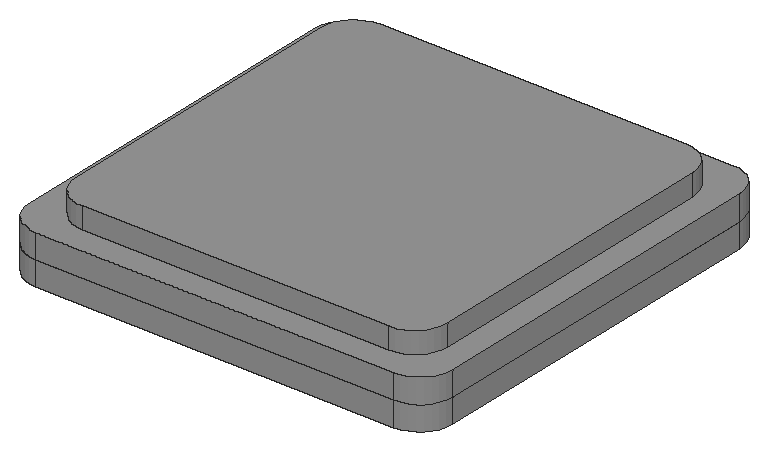
Revit family "FMS2_63_UN_Surface-mounted_ETK", category Lighting Fixtures, Revit 2019 (continued)
Definition of nested family "FMS.2 - Lightsource"
  Types (14, lengths in mm): name | Wattage Comments | Wattage | built-in parameter 1150134 | Photometric Web File | built-in parameter 1150142 | built-in parameter 1150105 | Lumens | built-in parameter 1150107 | built-in parameter 1150106 | Apparent Load
      68.7114\t467.3304\t465.9494\t464.7065\t463.3255\t461.3921\r\n458.9063\t456.4205\t453.9347\t451.4489\t449.1012\t446.4773\t443.9915\t441.5057\t439.0199\t436.5341\r\n434.0483\t431.4244\t428.9386\t426.3147\t423.8289\t421.205\t418.5811\t415.9572\t413.4714\t410.8475\r\n408.2236\t405.7378\t403.1139\t400.49\t398.0042\t395.2422\t392.6183\t389.9944\t387.3705\t384.7466\r\n382.2608\t379.6369\t377.013\t374.3891\t371.7652\t368.3127\t364.8602\t361.4077\t357.9552\t354.5027\r\n351.0502\t347.5977\t344.1452\t340.6927\t337.2402\t333.7877\t330.3352\t326.8827\t323.5683\t320.1158\r\n316.8014\t313.3489\t310.0345\t306.582\t303.2676\t299.8151\t296.5007\t293.0482\t289.7338\t286.4194\r\n282.9669\t279.6525\t276.3381\t273.0237\t269.7093\t266.3949\t262.5281\t258.7994\t254.9326\t251.2039\r\n247.4752\t243.7465\t240.0178\t236.2891\t232.5604\t228.9698\t225.2411\t221.5124\t217.7837\t214.055\r\n210.3263\t206.5976\t203.007\t199.4164\t195.8258\t192.2352\t188.6446\t185.054\t181.6015\t178.0109\r\n174.4203\t170.9678\t167.5153\t163.7866\t160.0579\t156.3292\t152.6005\t149.0099\t145.2812\t141.6906\r\n138.031\t134.4265\t130.8221\t127.2453\t123.6824\t120.1194\t116.584\t113.0487\t109.5133\t105.9917\r\n102.484\t98.9763\t95.4823\t91.9884\t88.4945\t85.0282\t81.5481\t76.7698\t66.6747\t56.5796\r\n46.4983\t36.417\t26.3357\t16.2544\t6.1896\t0\t0\t0\t0\t0\r\n0\t0\t0\t0\t0\t0\t0\t0\t0\t0\r\n0\r\n502.9602\t502.1316\t501.1649\t500.3363\t499.6458\t498.9553\t498.1267\t497.2981\t496.4695\t495.6409\r\n494.8123\t493.9837\t493.017\t492.0503\t491.2217\t490.1169\t489.1502\t488.0454\t486.9406\t485.8358\r\n484.8691\t483.6262\t482.3833\t481.1404\t480.0356\t478.7927\t477.5498\t476.3069\t475.064\t473.683\r\n472.302\t471.0591\t469.6781\t468.2971\t466.778\t465.397\t463.8779\t462.3588\t460.8397\t459.3206\r\n457.8015\t456.1443\t454.0728\t451.587\t449.1012\t446.4773\t443.9915\t441.3676\t438.7437\t436.1198\r\n433.4959\t430.7339\t428.11\t425.4861\t422.8622\t420.1002\t417.4763\t414.8524\t412.2285\t409.3284\r\n406.5664\t403.8044\t401.1805\t398.4185\t395.7946\t393.0326\t390.2706\t387.5086\t384.7466\t381.9846\r\n379.3607\t376.5987\t373.8367\t371.0747\t368.3127\t365.5507\t362.7887\t360.0267\t357.2647\t354.0884\r\n350.4978\t346.9072\t343.4547\t339.8641\t336.4116\t332.821\t329.3685\t325.7779\t322.3254\t318.7348\r\n315.2823\t311.6917\t308.2392\t304.6486\t301.1961\t297.7436\t294.153\t290.7005\t287.248\t283.9336\r\n280.4811\t277.0286\t273.5761\t270.1236\t266.6711\t263.2186\t259.9042\t256.4517\t253.1373\t249.8229\r\n246.2323\t242.3655\t238.4987\t234.6319\t230.9032\t227.0364\t223.3077\t219.579\t215.8503\t212.1216\r\n208.3929\t204.8023\t201.0736\t197.3449\t193.6162\t190.0256\t186.435\t182.7063\t179.1157\t175.5251\r\n171.9345\t168.3439\t164.8914\t161.3008\t157.7102\t154.2577\t150.6671\t147.0765\t143.4859\t139.8953\r\n136.2495\t132.6865\t129.1373\t125.5743\t122.0252\t118.5036\t114.9959\t111.5019\t108.0218\t104.5555\r\n101.103\t97.6505\t94.2256\t90.8007\t87.3897\t83.9924\t80.609\t77.2393\t73.8835\t67.5033\r\n57.5325\t47.5755\t37.6184\t27.6752\t17.732\t7.8027\t0\t0\t0\t0\r\n0\t0\t0\t0\t0\t0\t0\t0\t0\t0\r\n0\r\n502.9602\t502.1316\t501.1649\t500.3363\t499.6458\t498.9553\t498.2648\t497.2981\t496.4695\t495.779\r\n494.9504\t493.9837\t493.017\t492.0503\t491.0836\t489.9788\t488.874\t487.7692\t486.6644\t485.5596\r\n484.3167\t483.0738\t481.8309\t480.588\t479.3451\t478.1022\t476.7212\t475.3402\t473.9592\t472.5782\r\n471.0591\t469.6781\t468.159\t466.6399\t464.9827\t463.4636\t461.8064\t460.2873\t458.6301\t456.9729\r\n455.3157\t453.6585\t452.0013\t450.206\t448.4107\t446.6154\t444.1296\t441.5057\t438.7437\t435.9817\r\n433.3578\t430.5958\t427.9719\t425.2099\t422.3098\t419.4097\t416.5096\t413.8857\t411.1237\t408.3617\r\n405.4616\t402.5615\t399.7995\t396.8994\t393.9993\t391.2373\t388.3372\t385.5752\t382.6751\t379.6369\r\n376.7368\t373.8367\t370.9366\t368.0365\t365.1364\t362.3744\t359.4743\t356.5742\t353.6741\t350.774\r\n347.8739\t344.9738\t342.0737\t339.1736\t336.1354\t332.5448\t328.8161\t325.0874\t321.4968\t317.9062\r\n314.3156\t310.725\t306.9963\t303.4057\t299.677\t296.0864\t292.4958\t288.9052\t285.3146\t281.724\r\n278.1334\t274.5428\t270.9522\t267.4997\t263.9091\t260.4566\t257.0041\t253.5516\t250.0991\t246.5085\r\n243.056\t239.6035\t236.151\t232.6985\t229.246\t225.6554\t221.7886\t217.9218\t214.055\t210.3263\r\n206.4595\t202.7308\t199.0021\t195.2734\t191.5447\t187.816\t184.0873\t180.4967\t176.768\t173.0393\r\n169.4487\t165.8581\t162.2675\t158.6769\t155.2244\t151.6338\t148.0432\t144.5907\t141.1382\t137.6305\r\n134.0813\t130.5183\t126.9691\t123.4476\t119.9398\t116.4597\t113.0072\t109.5547\t106.1437\t102.7326\r\n99.3491\t95.9795\t92.6237\t89.2955\t85.9811\t82.6805\t79.3937\t76.1345\t72.8754\t69.6438\r\n66.4261\t59.5902\t49.7436\t39.9109\t30.092\t20.2731\t10.4638\t0.6596\t0\t0\r\n0\t0\t0\t0\t0\t0\t0\t0\t0\t0\r\n0\r\n502.9602\t502.1316\t501.1649\t500.4744\t499.7839\t499.0934\t498.2648\t497.4362\t496.6076\t495.779\r\n494.9504\t493.9837\t493.017\t492.0503\t490.9455\t489.9788\t488.874\t487.7692\t486.5263\t485.1453\r\n483.9024\t482.7976\t481.5547\t480.1737\t478.9308\t477.4117\t476.0307\t474.5116\t473.1306\t471.6115\r\n470.0924\t468.4352\t466.778\t465.2589\t463.6017\t461.9445\t460.1492\t458.492\t456.6967\t455.0395\r\n453.1061\t451.3108\t449.5155\t447.5821\t445.6487\t443.7153\t441.7819\t439.8485\t437.777\t435.8436\r\n433.7721\t430.872\t427.9719\t425.0718\t422.3098\t419.5478\t416.6477\t413.7476\t410.7094\t407.8093\r\n404.7711\t402.0091\t399.109\t396.0708\t393.0326\t389.9944\t386.9562\t383.918\t381.0179\t377.9797\r\n374.9415\t371.9033\t368.8651\t365.8269\t362.7887\t359.7505\t356.7123\t353.6741\t350.6359\t347.4596\r\n344.4214\t341.3832\t338.345\t335.3068\t332.2686\t329.0923\t326.0541\t323.0159\t319.8396\t316.8014\r\n313.7632\t310.3107\t306.582\t302.7152\t298.9865\t295.2578\t291.391\t287.6623\t284.0717\t280.343\r\n276.7524\t273.0237\t269.4331\t265.7044\t261.9757\t258.247\t254.5183\t250.9277\t247.3371\t243.7465\r\n240.1559\t236.5653\t232.9747\t229.5222\t225.9316\t222.341\t218.7504\t215.2979\t211.8454\t208.3929\r\n204.9404\t201.2117\t197.2068\t193.34\t189.6113\t185.7445\t182.0158\t178.149\t174.4203\t170.6916\r\n166.9629\t163.3723\t159.7817\t156.053\t152.6005\t148.8718\t145.2812\t141.6906\t138.2381\t134.7165\r\n131.2917\t127.8944\t124.511\t121.1689\t117.7302\t114.2777\t110.8391\t107.4418\t104.0583\t100.6887\r\n97.3329\t94.0047\t90.7179\t87.4587\t84.2134\t81.0095\t77.8332\t74.6845\t71.5358\t68.4147\r\n65.3213\t62.2279\t59.162\t52.9337\t43.1977\t33.4754\t23.767\t14.0586\t4.3626\t0\r\n0\t0\t0\t0\t0\t0\t0\t0\t0\t0\r\n0\r\n502.9602\t502.1316\t501.1649\t500.4744\t499.922\t499.2315\t498.4029\t497.5743\t496.7457\t496.0552\r\n495.0885\t494.1218\t493.1551\t492.0503\t491.0836\t489.9788\t488.874\t487.6311\t486.2501\t485.0072\r\n483.9024\t482.6595\t481.2785\t479.8975\t478.5165\t476.9974\t475.4783\t473.9592\t472.4401\t470.7829\r\n469.1257\t467.4685\t465.8113\t464.1541\t462.3588\t460.7016\t458.9063\t456.9729\t455.1776\t453.2442\r\n451.3108\t449.2393\t447.3059\t445.2344\t443.301\t441.2295\t439.158\t437.0865\t434.8769\t432.5292\r\n430.4577\t428.2481\t426.0385\t423.8289\t421.6193\t419.1335\t416.7858\t414.1619\t411.2618\t408.2236\r\n405.1854\t402.0091\t398.9709\t395.7946\t392.7564\t389.7182\t386.5419\t383.3656\t380.1893\t377.1511\r\n373.9748\t370.7985\t367.6222\t364.3078\t361.1315\t357.9552\t354.7789\t351.6026\t348.4263\t345.1119\r\n341.9356\t338.6212\t335.4449\t332.1305\t328.8161\t325.6398\t322.4635\t319.1491\t315.9728\t312.6584\r\n309.4821\t306.1677\t302.9914\t299.9532\t296.7769\t293.6006\t290.4243\t286.9718\t283.6574\t279.9287\r\n276.2\t272.4713\t268.6045\t264.7377\t260.8709\t257.0041\t253.1373\t249.4086\t245.5418\t241.8131\r\n238.0844\t234.3557\t230.4889\t226.7602\t223.1696\t219.4409\t215.7122\t211.9835\t208.3929\t204.8023\r\n201.2117\t197.6211\t194.0305\t190.4399\t186.8493\t183.2587\t179.8062\t176.3537\t172.4869\t168.6201\r\n164.7533\t161.0246\t157.2959\t153.5672\t149.8385\t146.2479\t142.5192\t138.9286\t135.4485\t131.8717\r\n128.3363\t124.8286\t121.3485\t117.9374\t114.554\t111.1981\t107.8561\t104.5693\t101.2963\t98.0234\r\n94.7642\t91.5327\t88.3288\t85.1525\t82.0176\t78.8965\t75.8307\t72.7787\t69.7681\t66.7713\r\n63.8022\t60.8469\t57.9191\t55.019\t52.1328\t47.4926\t37.8394\t28.1862\t18.5468\t8.9005\r\n0\t0\t0\t0\t0\t0\t0\t0\t0\t0\r\n0\r\n502.9602\t502.1316\t501.303\t500.6125\t500.0601\t499.3696\t498.541\t497.7124\t497.0219\t496.1933\r\n495.2266\t494.2599\t493.2932\t492.3265\t491.2217\t490.1169\t488.874\t487.6311\t486.3882\t485.1453\r\n483.9024\t482.5214\t481.2785\t479.7594\t478.2403\t476.7212\t475.2021\t473.683\t472.0258\t470.3686\r\n468.7114\t466.9161\t465.2589\t463.4636\t461.6683\t459.7349\t457.8015\t455.8681\t453.9347\t451.8632\r\n449.9298\t447.7202\t445.6487\t443.5772\t441.5057\t439.2961\t437.0865\t434.7388\t432.5292\t430.3196\r\n427.9719\t425.6242\t423.1384\t420.7907\t418.443\t416.0953\t413.6095\t411.1237\t408.6379\t406.014\r\n403.3901\t400.9043\t398.2804\t395.6565\t393.0326\t390.2706\t387.0943\t383.918\t380.6036\t377.1511\r\n373.8367\t370.6604\t367.346\t364.0316\t360.7172\t357.2647\t353.9503\t350.6359\t347.1834\t343.869\r\n340.4165\t336.964\t333.6496\t330.1971\t326.8827\t323.4302\t320.1158\t316.6633\t313.3489\t309.8964\r\n306.582\t303.1295\t299.5389\t296.0864\t292.772\t289.3195\t286.0051\t282.6907\t279.2382\t275.7857\r\n272.3332\t269.0188\t265.5663\t262.2519\t258.7994\t255.485\t252.1706\t248.8562\t245.2656\t241.2607\r\n237.1177\t233.2509\t229.3841\t225.5173\t221.6505\t217.6456\t213.7788\t209.912\t206.1833\t202.3165\r\n198.5878\t194.721\t190.9923\t187.2636\t183.5349\t179.8062\t176.0775\t172.4869\t168.7582\t165.1676\r\n161.577\t158.1245\t154.672\t151.0814\t147.6289\t143.9002\t140.0334\t136.4014\t132.7417\t129.1097\r\n125.4915\t121.9285\t118.4069\t114.8854\t111.3915\t107.9252\t104.5003\t101.0892\t97.7334\t94.3913\r\n91.1184\t87.9421\t84.821\t81.7276\t78.7032\t75.7064\t72.7511\t69.8372\t66.9647\t64.1198\r\n61.3302\t58.5682\t55.8476\t53.1547\t50.4894\t47.8516\t45.2416\t42.6453\t33.5169\t23.8637\r\n14.2243\t4.5877\t0\t0\t0\t0\t0\t0\t0\t0\r\n0\r\n502.9602\t502.1316\t501.303\t500.7506\t500.1982\t499.5077\t498.6791\t497.9886\t497.16\t496.4695\r\n495.5028\t494.5361\t493.5694\t492.6027\t491.4979\t490.3931\t489.0121\t487.7692\t486.6644\t485.4215\r\n484.1786\t482.7976\t481.2785\t479.7594\t478.3784\t476.8593\t475.2021\t473.5449\t471.8877\t470.2305\r\n468.4352\t466.778\t464.9827\t463.0493\t461.1159\t459.1825\t457.2491\t455.1776\t453.1061\t451.0346\r\n448.9631\t446.8916\t444.682\t442.4724\t440.2628\t437.9151\t435.5674\t433.3578\t430.872\t428.5243\r\n426.0385\t423.5527\t421.0669\t418.7192\t416.2334\t413.6095\t410.9856\t408.3617\t405.7378\t403.1139\r\n400.3519\t397.5899\t394.8279\t392.204\t389.5801\t386.68\t383.7799\t380.8798\t378.1178\t375.2177\r\n372.3176\t369.4175\t366.3793\t363.3411\t360.441\t357.5409\t354.5027\t350.9121\t347.4596\t344.0071\r\n340.4165\t337.1021\t333.5115\t329.9209\t326.3303\t322.8778\t319.4253\t315.8347\t312.106\t308.3773\r\n304.9248\t301.3342\t297.8817\t294.4292\t290.7005\t286.9718\t283.3812\t279.9287\t276.3381\t272.7475\r\n269.0188\t265.5663\t261.9757\t258.3851\t254.7945\t251.2039\t247.6133\t244.1608\t240.4321\t236.8415\r\n233.389\t229.7984\t226.3459\t222.7553\t219.3028\t215.7122\t212.2597\t208.6691\t205.2166\t201.4879\r\n197.483\t193.6162\t189.4732\t185.4683\t181.6015\t177.7347\t173.8679\t170.0011\t166.1343\t162.4056\r\n158.5388\t154.672\t150.9433\t147.2146\t143.624\t139.8953\t136.2909\t132.7003\t129.1649\t125.6572\r\n122.2047\t118.8489\t115.5345\t112.0267\t108.3947\t104.8179\t101.2963\t97.8991\t94.5433\t91.2427\r\n87.9973\t84.7934\t81.6585\t78.5651\t75.5407\t72.5577\t69.6162\t66.7299\t63.9127\t61.1507\r\n58.4301\t55.7648\t53.1271\t50.5308\t47.9898\t45.4901\t43.032\t40.6152\t38.2399\t35.8922\r\n30.0782\t20.3697\t10.6572\t0.9483\t0\t0\t0\t0\t0\t0\r\n0\r\n502.9602\t502.1316\t501.303\t500.8887\t500.3363\t499.6458\t498.9553\t498.2648\t497.5743\t496.7457\r\n495.779\t494.8123\t493.9837\t492.8789\t491.9122\t490.6693\t489.4264\t488.1835\t487.0787\t485.8358\r\n484.4548\t483.0738\t481.6928\t480.1737\t478.6546\t477.1355\t475.4783\t473.8211\t472.1639\t470.5067\r\n468.7114\t466.9161\t464.9827\t463.1874\t461.1159\t459.1825\t457.111\t455.0395\t452.968\t450.8965\r\n448.6869\t446.4773\t444.2677\t442.0581\t439.7104\t437.3627\t435.015\t432.5292\t430.0434\t427.5576\r\n425.0718\t422.586\t419.9621\t417.4763\t414.8524\t412.2285\t409.4665\t406.7045\t403.9425\t401.1805\r\n398.4185\t395.6565\t392.8945\t389.9944\t386.9562\t384.0561\t381.156\t378.2559\t375.2177\t372.3176\r\n369.1413\t366.1031\t363.0649\t360.0267\t356.8504\t353.6741\t350.4978\t347.3215\t344.1452\t341.107\r\n337.7926\t334.6163\t331.3019\t328.2637\t324.9493\t321.3587\t318.0443\t314.7299\t311.4155\t308.2392\r\n305.0629\t301.4723\t298.0198\t294.2911\t290.7005\t286.9718\t283.105\t279.3763\t275.6476\t271.9189\r\n268.1902\t264.4615\t260.7328\t256.866\t253.1373\t249.2705\t245.5418\t241.675\t237.9463\t234.0795\r\n230.3508\t226.7602\t222.8934\t219.1647\t215.2979\t211.5692\t207.8405\t204.1118\t200.3831\t196.6544\r\n192.9257\t189.3351\t185.7445\t182.0158\t178.2871\t174.4203\t170.8297\t167.3772\t163.7866\t160.0579\r\n156.6054\t153.0148\t149.4242\t145.4193\t141.5525\t137.6305\t133.667\t129.745\t126.0853\t122.4395\r\n118.8074\t115.1892\t111.5986\t108.008\t104.4727\t101.0063\t97.6229\t94.2671\t91.0079\t87.8454\r\n84.7382\t81.6447\t78.3441\t75.1402\t72.033\t69.0224\t66.067\t63.2222\t60.4326\t57.6844\r\n55.0052\t52.4366\t49.9508\t47.534\t45.1173\t42.7281\t40.3942\t38.1294\t35.9198\t33.7793\r\n31.6939\t29.6501\t27.6476\t18.0497\t7.8841\t0\t0\t0\t0\t0\r\n0\r\n502.9602\t502.2697\t501.4411\t501.0268\t500.4744\t499.7839\t499.0934\t498.541\t497.8505\t497.0219\r\n496.1933\t495.2266\t494.398\t493.2932\t492.3265\t491.0836\t489.8407\t488.7359\t487.6311\t486.3882\r\n485.1453\t483.6262\t482.2452\t480.7261\t479.207\t477.6879\t476.0307\t474.3735\t472.7163\t471.0591\r\n469.2638\t467.4685\t465.5351\t463.6017\t461.6683\t459.5968\t457.5253\t455.4538\t453.3823\t451.1727\r\n449.1012\t446.8916\t444.5439\t442.3343\t439.9866\t437.5008\t435.015\t432.5292\t430.0434\t427.5576\r\n424.9337\t422.4479\t419.824\t417.3382\t414.5762\t411.8142\t409.0522\t406.1521\t403.3901\t400.6281\r\n397.8661\t395.1041\t391.9278\t388.8896\t385.9895\t382.9513\t380.0512\t377.013\t373.9748\t370.7985\r\n367.6222\t364.584\t361.4077\t358.2314\t355.0551\t351.7407\t348.4263\t345.25\t341.9356\t338.7593\r\n335.4449\t332.1305\t328.678\t325.2255\t321.773\t318.3205\t315.0061\t311.6917\t308.2392\t304.6486\r\n301.1961\t297.7436\t294.2911\t290.7005\t287.1099\t283.6574\t280.0668\t276.6143\t273.1618\t269.4331\r\n265.8425\t262.2519\t258.6613\t255.0707\t251.342\t247.7514\t244.0227\t240.4321\t236.9796\t233.2509\r\n229.5222\t225.7935\t222.2029\t218.4742\t214.8836\t210.8787\t207.0119\t203.007\t199.1402\t195.2734\r\n191.2685\t187.2636\t183.2587\t179.3919\t175.387\t171.3821\t167.5153\t163.7866\t159.9198\t156.053\r\n152.1862\t148.3194\t144.4526\t140.862\t137.1195\t133.4322\t129.7726\t126.0715\t122.3428\t118.7246\r\n115.1892\t111.6953\t108.2428\t104.8041\t101.3792\t97.9958\t94.6261\t91.0908\t87.4173\t83.8267\r\n80.3466\t77.0736\t73.8559\t70.721\t67.669\t64.686\t61.7721\t58.9135\t56.1929\t53.5966\r\n51.097\t48.4869\t45.8768\t43.3772\t40.9743\t38.668\t36.4722\t34.3869\t32.4259\t30.5201\r\n28.6419\t26.8605\t25.1894\t23.5875\t22.0546\t17.2901\t5.7298\t0\t0\t0\r\n0\r\n502.9602\t502.2697\t501.5792\t501.1649\t500.7506\t500.0601\t499.3696\t498.8172\t498.2648\t497.4362\r\n496.6076\t495.779\t494.9504\t493.9837\t492.8789\t491.7741\t490.5312\t489.4264\t488.3216\t487.0787\r\n485.8358\t484.4548\t482.9357\t481.5547\t480.1737\t478.5165\t476.9974\t475.3402\t473.683\t472.0258\r\n470.3686\t468.4352\t466.5018\t464.5684\t462.635\t460.5635\t458.6301\t456.5586\t454.349\t452.2775\r\n450.0679\t447.8583\t445.6487\t443.301\t440.9533\t438.4675\t435.8436\t433.4959\t431.1482\t428.5243\r\n425.9004\t423.2765\t420.7907\t418.1668\t415.4048\t412.6428\t409.7427\t406.9807\t404.0806\t401.3186\r\n398.6947\t395.6565\t392.4802\t389.442\t386.5419\t383.5037\t380.6036\t377.4273\t374.251\t371.2128\r\n368.0365\t364.9983\t361.822\t358.5076\t355.1932\t351.8788\t348.5644\t345.25\t342.0737\t338.6212\r\n335.3068\t331.7162\t328.2637\t324.8112\t321.4968\t318.0443\t314.5918\t311.1393\t307.4106\t303.9581\r\n300.5056\t296.915\t293.1863\t289.5957\t286.0051\t282.4145\t278.8239\t275.2333\t271.5046\t267.7759\r\n264.0472\t260.3185\t256.7279\t252.8611\t249.1324\t245.4037\t241.8131\t238.0844\t234.3557\t230.4889\r\n226.6221\t222.7553\t219.0266\t215.2979\t211.5692\t207.7024\t203.8356\t199.9688\t196.102\t192.2352\r\n188.3684\t184.5016\t180.4967\t176.6299\t172.9012\t169.1725\t165.3057\t161.4389\t157.5721\t153.5672\r\n149.8385\t146.1098\t142.243\t138.5143\t134.758\t130.9878\t127.1349\t123.2819\t119.6222\t116.004\r\n112.2891\t108.5742\t104.9974\t101.4759\t97.9405\t94.2394\t90.5936\t87.0168\t83.4676\t79.9461\r\n76.5212\t73.193\t69.9062\t66.6747\t63.4846\t60.4464\t57.4358\t54.4943\t51.608\t48.8598\r\n46.1806\t43.5982\t41.0986\t38.6404\t36.0717\t33.5997\t31.3211\t29.1529\t27.109\t25.2309\r\n23.4632\t21.9855\t20.6874\t19.555\t18.6021\t17.6768\t16.9034\t16.282\t4.2549\t0\r\n0" | 89.127 (stored number, unit not read) | 1120 lm | 4000 (stored number, unit not read) | 0.89127 (stored number, unit not read) | 18 VA
